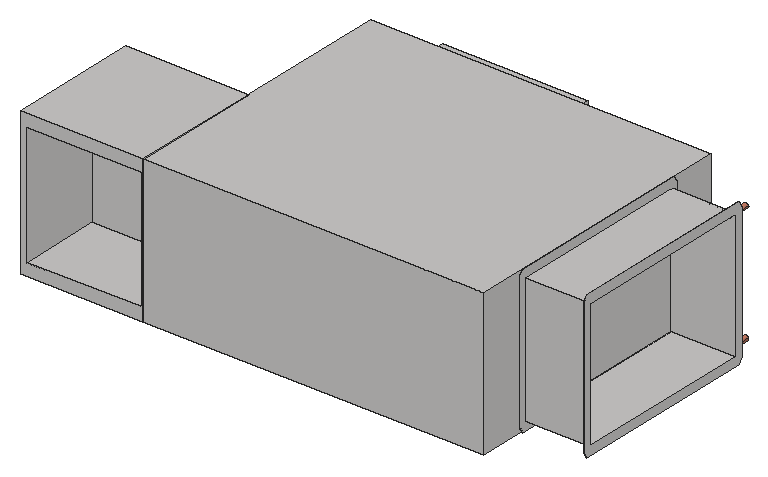
Revit family
Parameters
  Width = 3' - 3"
  Voltage = 120 V
  Unit Weight = if(Number of Rows = 1, "272.0 lbs", if(Number of Rows = 2, "277.0 lbs", "0"))  # "272.0 lbs"
  UltraLoc Liner = Choose Liner Option = 3  # no
  URL = "http://www.titus-hvac.com/"
  UL = "181"
  Supply Air Flow [instance] = 0 CFM
  SteriLoc Liner = Choose Liner Option = 2  # no
  Secondary Material = Copper Connectors
  Primary Air Pressure Drop [instance] = 0.00 in-wg
  Primary Air Flow [instance] = 0 CFM
  Pressure [instance] = 0.00 psi
  Plenum Air Pressure Drop [instance] = 0.00 in-wg
  Plenum Air Flow [instance] = 0 CFM
  Outlet Width = 2' - 1"
  Outlet Height = 1' - 5 1/2"
  Number of Rows = 1
  Number of Poles = 1
  Nominal Width = Width + 0' 6 1/4"  # 3' - 9 1/4"
  Nominal Length = Length + 1' 4 7/8" + 0' 9"  # 6' - 0 5/8"
  Nominal Inlet Size = 1' - 0"
  Nominal Height = 1' - 8"
  NFPA = "90A"
  Motor Full Load Amps [instance] = 8.5 A
  Model = "DTFS-F"
  Min. Air Flow = 0 CFM
  Max. Air Flow = 2000 CFM
  Material = Galvanized Steel
  Manufacturer = "Titus"
  Length = 3' - 10 3/4"
  Juction Box Offset = 0' - 4 7/8"
  Inlet Diameter = Nominal Inlet Size - 0' 0 1/8"  # 0' - 11 7/8"
  Induced Air Inlet Width = 1' - 4 7/8"
  Induced Air Inlet Offset = (Nominal Height - Induced Air Inlet Connection Height) / 2  # 0' - 1 11/16"
  Induced Air Inlet Height = 1' - 6 1/8"
  Induced Air Inlet Connection Width = 1' - 3 3/4"
  Induced Air Inlet Connection Height = 1' - 4 5/8"
  Induced Air Filter = no
  Heating Total Capacity [instance] = 0 Btu/h
  Heating Entering Water Temp = 0 °F
  Half Outlet Width = 1' - 0 1/2"
  Half Outlet Connection Width = Outlet Width / 2  # 1' - 0 1/2"
  Half Outlet Connection Height = Outlet Height / 2  # 0' - 8 3/4"
  Half Height Start = -(Nominal Height / 2)  # -0' - 10"
  Half Height End = Nominal Height / 2  # 0' - 10"
  HWC Option = HWC Section : D-E - 1 Row
  HWC Connector Radius = 5/16"
  HWC Connector Length = 0' - 3"
  HP-Motor = "1/3"
  Gallons Per Minute [instance] = 0 GPM
  Frequency = 60 Hz
  Flange Offset = 0' - 1 1/4"
  Filter Size = "18\"x17\""
  Fiber Free Liner = Choose Liner Option = 1  # no
  Fan Disconnect Switch = no
  Duct Radius = Nominal Inlet Size / 2  # 0' - 6"
  Description = "Ultra Quiet Series Fan Powered Terminal Unit, Direct Digital Control, Pressure Independent"
  Connector Vertical Offset = if(Number of Rows = 1, 1' 4 1/4", if(Number of Rows = 2, 1' 4 3/4", 0' 0"))  # 1' - 4 1/4"
  Connector Horizontal Offset = if(Number of Rows = 1, 0' 0", if(Number of Rows = 2, 0' 1", 0' 0"))  # 0' - 0"
  Connection Void Radius = Connection Radius - 0' 0 1/4"  # 0' - 5 11/16"
  Connection Radius = Inlet Diameter / 2  # 0' - 5 15/16"
  Choose Liner Option = 0
  CADworks URL = "www.CADworks.net"
  Assembly Code = "D3040100"
  Apparent Power [instance] = Voltage * Motor Full Load Amps  # 1020 VA
  Air Inlet Offset = 0' - 8"
  1/2" Fiberglass Liner = Choose Liner Option = 0  # yes
  1" Fiberglass Liner = Choose Liner Option = 4  # no
Reference planes (in)
  plane 1 "Center (Front/Back)": y = 0
  plane 2: z = 0
  plane 3 "Center (Left/Right)": x = 3
  plane 4: x = -20.375
  plane 5: x = 26.375
  plane 6: x = -15.5
  plane 7: x = -23.75
  plane 8 "Center (Elevation)": z = 0
  plane 9: y = -19.5
  plane 10: y = 19.5
  plane 11: y = 11.5
  plane 12: y = -8.25
  plane 13: z = 0.6875
  plane 14: z = -6.875
  plane 15: x = 35.375
  plane 16: x = 34.375
  plane 17: x = 34.375
  plane 18: y = 15.5
  plane 19: z = -8.125
  plane 20: z = 8.125
  plane 21: y = -12.5
  plane 22: y = 12.5
  plane 23: z = 10
  plane 24: z = -10
  plane 25: y = 25.75
  plane 26: x = -37.25
Forms (in)
  Extrusion 1, solid, material "Galvanized Steel" <- "Material"
    sketch origin (0, 0, 0) x (1, 0, 0) y (0, 1, 0)
      loop
        line (-20.375, 19.5) -> (-20.375, -19.5) -> (26.375, -19.5) -> (26.375, 19.5) -> (-20.375, 19.5)
    from -10 <- "Half Height Start" to 10 <- "Half Height End"
  Extrusion 2, solid, material "Galvanized Steel" <- "Material"
    sketch origin (0, 0, 0) x (1, 0, 0) y (0, 1, 0)
      loop
        line (-37.25, -1.375) -> (-37.25, -19.5) -> (-20.375, -19.5) -> (-20.375, -1.375) -> (-37.25, -1.375)
    from -10 <- "Half Height Start" to 10 <- "Half Height End"
  Extrusion 3, void, detail levels fine
    sketch origin (0, -19.5, 0) x (1, 0, 0) y (0, 0, -1)
      loop
        line (-20.625, 8.3125) -> (-36.375, 8.3125) -> (-36.375, -8.3125) -> (-20.625, -8.3125) -> (-20.625, 8.3125)
    from 0 to 11.25
  Extrusion 4, solid, material "Galvanized Steel" <- "Material"
    sketch origin (3.125, 0, 0) x (1, 0, 0) y (0, 1, 0)
      loop
        line (-18.625, 19.5) -> (1.375, 19.5) -> (1.375, 25.75) -> (-18.625, 25.75) -> (-18.625, 19.5)
    from -6 to 6
  Extrusion 5, solid, material "Galvanized Steel" <- "Material"
    sketch origin (-24.875, -3, 0) x (0, 0, -1) y (0, 1, 0)
      loop
        circle (0, 14.5) r 5.9375
    from 1.125 to 4.5
  Extrusion 6, void, detail levels fine
    sketch origin (-24.875, 0, 0) x (0, 1, 0) y (0, 0, 1)
      loop
        circle (11.5, 0) r 5.6875
    from 1.125 to 9.375
  Extrusion 7, void, detail levels fine
    sketch origin (35.375, -12.5, 8.75) x (0, 0, 1) y (0, -1, 0)
      loop
        line (-17.5, 0) -> (-17.5, -25) -> (0, -25) -> (0, 0) -> (-17.5, 0)
    from -0.0625 to 0
  Extrusion 8, solid, material "Copper Connectors" <- "Secondary Material", detail levels fine
    sketch origin (0, 0, 0) x (1, 0, 0) y (0, 0, 1)
      loop
        circle (34.375, 8.125) r 0.3125
    from -15.5 to -12.5625
  Extrusion 9, solid, material "Copper Connectors" <- "Secondary Material", detail levels fine
    sketch origin (0, 0, 0) x (1, 0, 0) y (0, 0, 1)
      loop
        circle (34.375, -8.125) r 0.3125
    from -15.5 to -12.5625
Cuts and joins
  Extrusion 3 cuts Extrusion 2
  Extrusion 6 cuts Extrusion 1
  Extrusion 6 cuts Extrusion 5
Dimensions and locks (in)
  "Length": plane 5 to plane 4
  equal spacing: plane 5, plane 3 "Center (Left/Right)", plane 4
  locked: Extrusion 4 to Extrusion 4 at 20
  "Juction Box Offset": plane 6 to plane 4
  locked: plane 4 to plane 7 at 3.375
  "Width": plane 9 to plane 10
  equal spacing: plane 9, plane 1 "Center (Front/Back)", plane 10
  locked: Extrusion 5 sketch curve to level at 0
  locked: Extrusion 5 sketch curve to plane 11 at 0
  locked: Extrusion 6 sketch curve to level at 0
  locked: Extrusion 6 sketch curve to plane 11 at 0
  locked: Extrusion 4 to Extrusion 4 at 6.25
  locked: Extrusion 4 to Extrusion 4 at 12
  equal spacing: Extrusion 4, plane 8 "Center (Elevation)", Extrusion 4
  locked: plane 12 to plane 9 at 11.25
  "Air Inlet Offset": plane 10 to plane 11
  "Induced Air Inlet Height": cut or joined group of Extrusion 2, Extrusion 3 to cut or joined group of Extrusion 2, Extrusion 3
  locked: cut or joined group of Extrusion 5, Extrusion 6 to cut or joined group of Extrusion 5, Extrusion 6 at 3.375
  locked: plane 12 to plane 12 at 0
  "Induced Air Inlet Connection Height": Extrusion 3 sketch curve to Extrusion 3 sketch curve
  "Induced Air Inlet Offset": Extrusion 3 sketch curve to cut or joined group of Extrusion 2, Extrusion 3
  "Induced Air Inlet Connection Width": Extrusion 3 sketch curve to Extrusion 3 sketch curve
  locked: Extrusion 3 sketch curve to cut or joined group of Extrusion 1, Extrusion 6 at 0.25
  "Connector Vertical Offset": plane 20 to plane 19
  equal spacing: plane 20, plane 8 "Center (Elevation)", plane 19
  locked: plane 15 to plane 5 at 9
  locked: plane 15 to plane 16 at 1
  "Connector Horizontal Offset": plane 16 to plane 17
  locked: Extrusion 8 sketch curve to plane 17 at 0
  locked: Extrusion 8 sketch curve to plane 20 at 0
  locked: Extrusion 9 sketch curve to plane 16 at 0
  locked: Extrusion 9 sketch curve to plane 19 at 0
  "HWC Connector Length": plane 18 to plane 22
  locked: cut or joined group of Extrusion 1, Extrusion 6 to Extrusion 7 at 9
  locked: cut or joined group of Extrusion 2, Extrusion 3 to cut or joined group of Extrusion 2, Extrusion 3 at 16.875
  locked: cut or joined group of Extrusion 2, Extrusion 3 to cut or joined group of Extrusion 2, Extrusion 3 at 20
  equal spacing: cut or joined group of Extrusion 2, Extrusion 3, plane 8 "Center (Elevation)", cut or joined group of Extrusion 2, Extrusion 3
  locked: cut or joined group of Extrusion 1, Extrusion 6 to cut or joined group of Extrusion 1, Extrusion 6 at 20
  equal spacing: cut or joined group of Extrusion 1, Extrusion 6, plane 8 "Center (Elevation)", cut or joined group of Extrusion 1, Extrusion 6
  locked: nested 1 to cut or joined group of Extrusion 1, Extrusion 6 at 1.1875
  locked: cut or joined group of Extrusion 1, Extrusion 6 to nested 1 at 1.1875
  "Connection Radius": radius of Extrusion 5 sketch curve
  "Connection Void Radius": radius of Extrusion 6 sketch curve
  "HWC Connector Radius": radius of Extrusion 8 sketch curve
  "HWC Connector Radius": radius of Extrusion 9 sketch curve
  aligned and locked: plane 10 to Extrusion 4
  aligned and locked: plane 6 to Extrusion 4
  aligned and locked: plane 7 to cut or joined group of Extrusion 5, Extrusion 6
  aligned and locked: plane 18 to Extrusion 8
  aligned and locked: plane 18 to Extrusion 9
  aligned and locked: plane 9 to cut or joined group of Extrusion 2, Extrusion 3  (x3)
  aligned and locked: plane 5 to nested 1
  aligned and locked: plane 15 to nested 1
  aligned and locked: plane 18 to nested 1  (x2)
  aligned and locked: plane 21 to nested 1
  aligned and locked: plane 22 to nested 1
  aligned and locked: plane 5 to cut or joined group of Extrusion 1, Extrusion 6
  aligned and locked: cut or joined group of Extrusion 1, Extrusion 6 to nested 1
  aligned and locked: cut or joined group of Extrusion 1, Extrusion 6 to plane 10
  aligned and locked: Extrusion 4 to cut or joined group of Extrusion 1, Extrusion 6  (x2)
  aligned and locked: cut or joined group of Extrusion 1, Extrusion 6 to plane 4
  aligned and locked: plane 9 to cut or joined group of Extrusion 1, Extrusion 6
  aligned and locked: cut or joined group of Extrusion 5, Extrusion 6 to cut or joined group of Extrusion 1, Extrusion 6
  aligned and locked: nested 1 to cut or joined group of Extrusion 1, Extrusion 6
  aligned and locked: plane 6 to Extrusion 6
  aligned and locked: Extrusion 6 to plane 7
  aligned and locked: Extrusion 3 to plane 12
  aligned and locked: plane 25 to Extrusion 4
  aligned and locked: plane 26 to cut or joined group of Extrusion 2, Extrusion 3
  aligned and locked: plane 23 to cut or joined group of Extrusion 2, Extrusion 3
  aligned and locked: plane 23 to cut or joined group of Extrusion 1, Extrusion 6
  aligned and locked: plane 24 to cut or joined group of Extrusion 2, Extrusion 3
  aligned and locked: plane 24 to cut or joined group of Extrusion 1, Extrusion 6
Automatic sketch dimensions
  Extrusion 1 sketch curve to plane 4 = 0' - 0"
  Extrusion 1 sketch curve to plane 5 = 0' - 0"
  Extrusion 1 sketch curve to plane 9 = 0' - 0"
  Extrusion 1 sketch curve to plane 10 = 0' - 0"
  Extrusion 2 sketch curve to plane 4 = 0' - 0"
  Extrusion 2 sketch curve to plane 9 = 0' - 0"
  plane 1 "Center (Front/Back)" to Extrusion 2 sketch curve = 0' - 1 3/8"
  Extrusion 4 sketch curve to plane 6 = 0' - 0"
  Extrusion 4 sketch curve to plane 10 = 0' - 0"
  plane 3 "Center (Left/Right)" to Extrusion 4 sketch curve = 0' - 1 1/2"
  Extrusion 4 sketch curve to plane 10 = 0' - 6 1/4"
  Extrusion 2 sketch curve to plane 7 = 1' - 1 1/2"
  Extrusion 7 sketch curve to nested 1 = 0' - 0"  (x4)
Nested families (in)
  nested 1: "HWC Section" at (30.875, 0, 0) x (0, 1, 0) z (0, 0, 1), type <- "HWC Option", type "D-E - 1 Row"
Connectors (in)
  electrical at (-5.5, 25.75, 0), driven by "Apparent Power", driven by "Voltage", driven by "Number of Poles"
    settings: on Extrusion 4, index 8
  hvac at (-23.75, 11.5, 0), driven by "Duct Radius", driven by "Primary Air Pressure Drop", driven by "Primary Air Flow"
    settings: on cut or joined group of Extrusion 5, Extrusion 6, index 9
  hvac at (-28.5, -19.5, 0), driven by "Induced Air Inlet Connection Height", driven by "Induced Air Inlet Connection Width", driven by "Plenum Air Pressure Drop", driven by "Plenum Air Flow"
    settings: on cut or joined group of Extrusion 2, Extrusion 3, index 11
  hvac at (35.375, 0, 0), driven by "Outlet Height", driven by "Outlet Width", driven by "Supply Air Flow"
    settings: on Extrusion 7, index 12
  piping at (34.375, 15.5, 8.125), driven by "Gallons Per Minute", driven by "Pressure", driven by "HWC Connector Radius"
    settings: on Extrusion 8, index 13
  piping at (34.375, 15.5, -8.125), driven by "Gallons Per Minute", driven by "HWC Connector Radius", driven by "Pressure"
    settings: on Extrusion 9, index 14
Definition of nested family "HWC Section"
  Parameters (values of type "B-C - 1 Row")
    Visibility = yes
    Secondary Material = Copper Connectors
    Number of Rows = 1
    Material = Galvanized Steel
    Half Width = HWC Width / 2  # 0' - 10 1/4"
    Half Length-Start = -(HWC Length / 2)  # -0' - 4 1/2"
    Half Length-End = HWC Length / 2  # 0' - 4 1/2"
    HWC Connection Radius = 5/16"
    Flange Offset = 0' - 1"
    Duct Vertical Offset = HWC Height - 0' 0 1/2"  # 1' - 0"
    Duct Horizontal Offset = HWC Width - 0' 0 1/2"  # 1' - 8"
    Connector Vertical Offset = 0' - 11 3/4"
    HWC Width = 1' - 8 1/2"
    HWC Height = 1' - 0 1/2"
    HWC Length = 0' - 9"  # constant formula
    Gallons Per Minute = 0 GPM
    Connector Length = 0' - 3"
    Connector Horizontal Offset = 0' - 0"
  Types (5): name | Number of Rows | Half Width | Flange Offset | Duct Vertical Offset | Duct Horizontal Offset | Connector Vertical Offset | HWC Width | HWC Height | Connector Horizontal Offset
    (no name) | 1 | 0' - 10 1/4" | 0' - 1" | 1' - 0" | 1' - 8" | 0' - 11 3/4" | 1' - 8 1/2" | 1' - 0 1/2" | 0' - 0"
    B-C - 1 Row | 1 | 0' - 10 1/4" | 0' - 1" | 1' - 0" | 1' - 8" | 0' - 11 3/4" | 1' - 8 1/2" | 1' - 0 1/2" | 0' - 0"
    B-C - 2 Row | 2 | 0' - 10 1/4" | 0' - 1" | 1' - 0" | 1' - 8" | 0' - 11 3/4" | 1' - 8 1/2" | 1' - 0 1/2" | 0' - 1"
    D-E - 1 Row | 1 | 1' - 0 1/2" | 0' - 1 1/4" | 1' - 5" | 2' - 0 1/2" | 1' - 4 1/4" | 2' - 1" | 1' - 5 1/2" | 0' - 0"
    D-E - 2 Row | 2 | 1' - 0 1/2" | 0' - 1 1/4" | 1' - 5" | 2' - 0 1/2" | 1' - 4 3/4" | 2' - 1" | 1' - 5 1/2" | 0' - 1"
  Reference planes (in)
    plane 1 "Center (Front/Back)": y = 0
    plane 2: z = 0
    plane 3 "Center (Left/Right)": x = 0
    plane 4: x = -10.25
    plane 5: x = 10.25
    plane 6: y = 4.5
    plane 7: y = -4.5
    plane 8: z = 6.25
    plane 9: z = -6.25
    plane 10: z = 5.875
    plane 11: z = -5.875
    plane 12: y = 3.5
    plane 13: y = 3.5
    plane 14: x = 13.25
  Forms (in)
    Extrusion 1, solid, material "Galvanized Steel" <- "Material", visible <- "Visibility"
      sketch origin (0, 0, 0) x (1, 0, 0) y (0, 0, 1)
        loop
          line (-10.3125, 6.3125) -> (-10.3125, -6.3125) -> (10.3125, -6.3125) -> (10.3125, 6.3125) -> (-10.3125, 6.3125)
      from -4.375 <- "Half Length-Start" to 4.5 <- "Half Length-End"
    Extrusion 2, void, detail levels fine
      sketch origin (0, 0, 0) x (1, 0, 0) y (0, 0, 1)
        loop
          line (-10.25, -6.25) -> (10.25, -6.25) -> (10.25, 6.25) -> (-10.25, 6.25) -> (-10.25, -6.25)
      from -4.5 <- "Half Length-Start" to 4.5 <- "Half Length-End"
    Extrusion 3, solid, material "Copper Connectors" <- "Secondary Material", visible <- "Visibility"
      sketch origin (6, 2.625, 0) x (0, 1, 0) y (0, 0, 1)
        loop
          circle (0.875, -5.875) r 0.3125
      from 4.3125 to 7.25
    Extrusion 4, solid, material "Galvanized Steel" <- "Material", visible <- "Visibility"
      sketch origin (0, -4.375, 0) x (1, 0, 0) y (0, 0, 1)
        loop
          line (-10.25, 6.25) -> (-10.25, -6.25) -> (10.25, -6.25) -> (10.25, 6.25) -> (-10.25, 6.25)
        loop
          line (-11.25, 6.75) -> (-11.25, -6.75) -> (-10.75, -7.25) -> (10.75, -7.25) -> (11.25, -6.75) -> (11.25, 6.75) -> (10.75, 7.25) -> (-10.75, 7.25) -> (-11.25, 6.75)
      from 0 to 0.125
    Extrusion 5, solid, material "Copper Connectors" <- "Secondary Material", visible <- "Visibility"
      sketch origin (6, -0.5, 0) x (0, 1, 0) y (0, 0, 1)
        loop
          circle (4, 5.875) r 0.3125
      from 4.3125 to 7.25
    Extrusion 6, solid, material "Galvanized Steel" <- "Material", visible <- "Visibility"
      sketch origin (0, 4.375, 0) x (1, 0, 0) y (0, 0, -1)
        loop
          line (-10.25, -6.25) -> (10.25, -6.25) -> (10.25, 6.25) -> (-10.25, 6.25) -> (-10.25, -6.25)
        loop
          line (-11.25, -6.75) -> (-10.75, -7.25) -> (10.75, -7.25) -> (11.25, -6.75) -> (11.25, 6.75) -> (10.75, 7.25) -> (-10.75, 7.25) -> (-11.25, 6.75) -> (-11.25, -6.75)
      from 0 to 0.125
  Cuts and joins
    Extrusion 2 cuts Extrusion 1
    joined: Extrusion 1, Extrusion 4, Extrusion 6
  Dimensions and locks (in)
    "HWC Width": plane 4 to plane 5
    equal spacing: plane 4, plane 3 "Center (Left/Right)", plane 5
    "HWC Height": plane 8 to plane 9
    equal spacing: plane 8, plane 2, plane 9
    equal spacing: plane 10, plane 2, plane 11
    locked: plane 12 to plane 6 at 1
    "Connector Horizontal Offset": plane 13 to plane 12
    locked: plane 7 to Extrusion 4 at 0.125
    locked: Extrusion 6 to plane 6 at 0.125
    locked: plane 4 to Extrusion 1 sketch curve at 0.0625
    locked: Extrusion 4 to Extrusion 1 sketch curve at 0.0625
    locked: Extrusion 1 sketch curve to plane 8 at 0.0625
    locked: plane 9 to Extrusion 1 sketch curve at 0.0625
    "Connector Length": plane 5 to plane 14
    "HWC Length": plane 6 to plane 7
    equal spacing: plane 6, plane 1 "Center (Front/Back)", plane 7
    "Connector Vertical Offset": plane 10 to plane 11
    equal spacing: plane 10, level, plane 11
    "HWC Width": Extrusion 4 sketch curve to Extrusion 4 sketch curve
    equal spacing: Extrusion 4 sketch curve, plane 3 "Center (Left/Right)", Extrusion 4 sketch curve
    "HWC Height": Extrusion 4 sketch curve to Extrusion 4 sketch curve
    equal spacing: Extrusion 4 sketch curve, plane 2, Extrusion 4 sketch curve
    locked: cut or joined group of Extrusion 1, Extrusion 2, Extrusion 4, Extrusion 6 to plane 4 at 1  (x2)
    locked: cut or joined group of Extrusion 1, Extrusion 2, Extrusion 4, Extrusion 6 to plane 5 at 1  (x2)
    "HWC Width": Extrusion 6 sketch curve to Extrusion 6 sketch curve
    "HWC Height": Extrusion 6 sketch curve to Extrusion 6 sketch curve
    equal spacing: Extrusion 6 sketch curve, plane 3 "Center (Left/Right)", Extrusion 6 sketch curve
    equal spacing: Extrusion 6 sketch curve, plane 2, Extrusion 6 sketch curve
    "HWC Height": Extrusion 2 sketch curve to Extrusion 2 sketch curve
    "HWC Width": Extrusion 2 sketch curve to Extrusion 2 sketch curve
    equal spacing: Extrusion 2 sketch curve, plane 3 "Center (Left/Right)", Extrusion 2 sketch curve
    equal spacing: Extrusion 2 sketch curve, plane 2, Extrusion 2 sketch curve
    locked: plane 5 to Extrusion 3 at 0.0625
    locked: plane 5 to Extrusion 5 at 0.0625
    "Flange Offset": cut or joined group of Extrusion 1, Extrusion 2, Extrusion 4, Extrusion 6 to plane 8
    "Flange Offset": plane 9 to cut or joined group of Extrusion 1, Extrusion 2, Extrusion 4, Extrusion 6
    "Flange Offset": plane 8 to cut or joined group of Extrusion 1, Extrusion 2, Extrusion 4, Extrusion 6
    "Flange Offset": cut or joined group of Extrusion 1, Extrusion 2, Extrusion 4, Extrusion 6 to plane 9
    "HWC Connection Radius": radius of Extrusion 3 sketch curve
    "HWC Connection Radius": radius of Extrusion 5 sketch curve
    aligned and locked: plane 7 to Extrusion 4
    aligned and locked: plane 6 to Extrusion 6
    aligned and locked: plane 14 to Extrusion 5
    aligned and locked: plane 14 to Extrusion 3
    aligned and locked: Extrusion 6 to cut or joined group of Extrusion 1, Extrusion 2, Extrusion 4, Extrusion 6
    aligned and locked: Extrusion 4 to Extrusion 4
  Automatic sketch dimensions
    Extrusion 3 sketch curve to plane 11 = 0' - 0"
    Extrusion 3 sketch curve to plane 12 = 0' - 0"
    Extrusion 5 sketch curve to plane 10 = 0' - 0"
    Extrusion 5 sketch curve to plane 13 = 0' - 0"
    plane 4 to Extrusion 6 sketch curve = 0' - 1"
    plane 4 to Extrusion 6 sketch curve = 0' - 0 1/2"  (x2)
    Extrusion 6 sketch curve to plane 5 = 0' - 0 1/2"  (x2)
    Extrusion 6 sketch curve to Extrusion 6 sketch curve = 0' - 0 1/2"  (x3)
    plane 8 to Extrusion 6 sketch curve = 0' - 0 1/2"  (x2)
    Extrusion 6 sketch curve to plane 9 = 0' - 0 1/2"  (x2)
    plane 4 to Extrusion 4 sketch curve = 0' - 0 1/2"  (x2)
    Extrusion 4 sketch curve to Extrusion 4 sketch curve = 0' - 0 1/2"  (x4)
    Extrusion 4 sketch curve to plane 5 = 0' - 0 1/2"  (x2)
    Extrusion 4 sketch curve to plane 9 = 0' - 0 1/2"  (x2)
    plane 8 to Extrusion 4 sketch curve = 0' - 0 1/2"  (x2)
